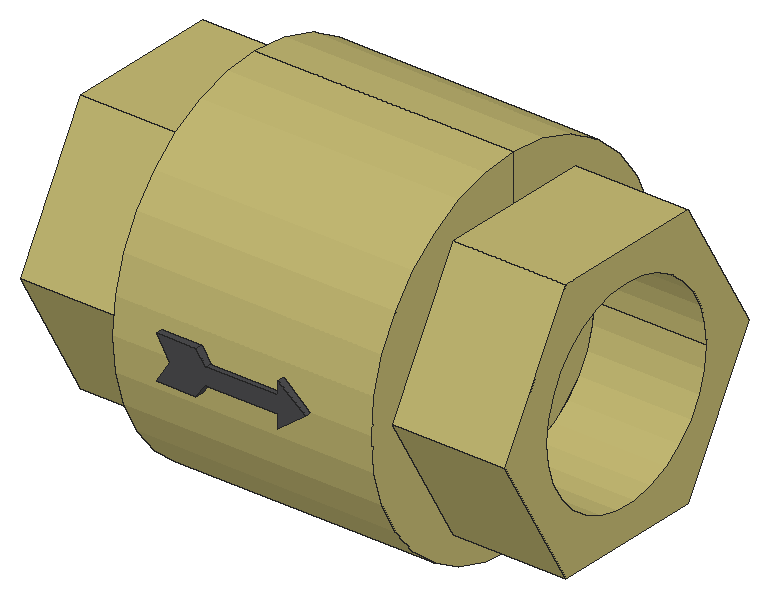
Revit family "РИДАН_NRV-R_Клапан обратный латунный пружинный муфтовый", category Арматура трубопроводов, Revit 2019
Family settings
  Размер круглого соединителя = Использовать диаметр
  Тип детали = Вставляется
  На основе рабочей плоскости = Нет
  Всегда вертикально = Да
  При загрузке вырезать с полостями = Нет
  Общий = Нет
Parameters (values of type "DN15")
  УГО_Длина = f  # 24 mm
  Контакты_Производитель = "info@ridan.ru"  # constant formula
  g = (c / 2) + 0.5 mm  # 17 mm
  f = a - (2 * b)  # 24 mm
  e = size_lookup(LT, "e", 23 mm, ADSK_Диаметр условный)  # 18.63 mm
  d = size_lookup(LT, "d", 23 mm, ADSK_Диаметр условный)  # 24.5 mm
  c = size_lookup(LT, "c", 23 mm, ADSK_Диаметр условный)  # 33 mm
  b = size_lookup(LT, "b", 23 mm, ADSK_Диаметр условный)  # 10.5 mm
  a = size_lookup(LT, "a", 23 mm, ADSK_Диаметр условный)  # 45 mm
  URL = "https://ridan.ru/"
  LT = "NRV-R"  # constant formula
  ADSK_Расход жидкости = 0.0000 m³/h
  ADSK_Пропускная способность = size_lookup(LT, "Kv", 0.0000 m³/h, ADSK_Диаметр условный)  # 4.0000 m³/h
  ADSK_Потеря давления жидкости = 100000.0 Pa * (ADSK_Расход жидкости / ADSK_Пропускная способность) ^ 2  # 0.0 Pa
  ADSK_Наименование = "Обратный клапан NRV-R пружинный с внутренней резьбой PN25, Tmax=110C, DN15"
  ADSK_Материал = Латунь корпус
  ADSK_Масса_Текст = ""
  ADSK_Масса = size_lookup(LT, "M", 0, ADSK_Диаметр условный)  # 0.133
  ADSK_Марка = size_lookup(LT, "Mark", "", ADSK_Диаметр условный)  # "NRV-R DN15"
  ADSK_Количество = 1  # constant formula
  ADSK_Код изделия = size_lookup(LT, "", "", ADSK_Диаметр условный)  # "065B8324R"
  ADSK_Завод-изготовитель = "ООО «Ридан-Трейд»"  # constant formula
  ADSK_Единица измерения = "шт."
  ADSK_Диаметр условный = 15 mm
  ADSK_Версия семейства = "1.2"  # constant formula
  ADSK_Версия Revit = "2019"  # constant formula
Types (7, lengths in mm): name | УГО_Длина | g | f | e | d | c | b | a | ADSK_Пропускная способность | ADSK_Наименование | ADSK_Масса | ADSK_Марка | ADSK_Код изделия | ADSK_Диаметр условный
  (no name) | 24 | 17 | 24 | 18.63 | 24.5 | 33 | 10.5 | 45 | 4.0000 m³/h | "Обратный клапан NRV-R пружинный с внутренней резьбой PN25, Tmax=110C, DN15" | 0.133 | "NRV-R DN15" | "065B8324R" | 15
  DN15 | 24 | 17 | 24 | 18.63 | 24.5 | 33 | 10.5 | 45 | 4.0000 m³/h | "Обратный клапан NRV-R пружинный с внутренней резьбой PN25, Tmax=110C, DN15" | 0.133 | "NRV-R DN15" | "065B8324R" | 15
  DN20 | 27.5 | 21.25 | 27.5 | 24.12 | 30 | 41.5 | 10.5 | 48.5 | 8.0000 m³/h | "Обратный клапан NRV-R пружинный с внутренней резьбой PN25, Tmax=110C, DN20" | 0.18 | "NRV-R DN20" | "065B8325R" | 20
  DN25 | 29 | 23.75 | 29 | 30.29 | 37 | 46.5 | 12 | 53 | 10.3000 m³/h | "Обратный клапан NRV-R пружинный с внутренней резьбой PN25, Tmax=110C, DN25" | 0.26 | "NRV-R DN25" | "065B8326R" | 25
  DN32 | 33 | 29 | 33 | 38.95 | 46 | 57 | 13.5 | 60 | 18.0000 m³/h | "Обратный клапан NRV-R пружинный с внутренней резьбой PN25, Tmax=110C, DN32" | 0.39 | "NRV-R DN32" | "065B8327R" | 32
  DN40 | 36 | 34.25 | 36 | 44.85 | 53 | 67.5 | 14.5 | 65 | 24.0000 m³/h | "Обратный клапан NRV-R пружинный с внутренней резьбой PN25, Tmax=110C, DN40" | 0.59 | "NRV-R DN40" | "065B8328R" | 40
  DN50 | 43 | 39.75 | 43 | 56.66 | 65 | 78.5 | 15 | 73 | 40.0000 m³/h | "Обратный клапан NRV-R пружинный с внутренней резьбой PN25, Tmax=110C, DN50" | 0.85 | "NRV-R DN50" | "065B8329R" | 50
Reference planes
  plane 1 "По центру (Вперед/Назад)": y = 0
  plane 2: z = -3.248
  plane 3 "По центру (Влево/Вправо)": x = 0
  plane 4: x = -12
  plane 5: x = 12
  plane 6: x = -22.5
  plane 7: x = 22.5
  plane 8: z = 13.252
  plane 9: z = -19.748
Forms (mm)
  Revolve 1, solid, material "Латунь корпус" <- "ADSK_Материал", detail levels fine
    sketch origin (0, 0, 0) x (1, 0, 0) y (0, 0, 1)
      loop
        line (-12, 13.252) -> (-12, -3.248) -> (12, -3.248) -> (12, 13.252) -> (-12, 13.252)
      axis (-12, -3.248) -> (12, -3.248)
    angle from 0 to 360
  Extrusion 2, solid, material "Латунь корпус" <- "ADSK_Материал", detail levels fine
    sketch origin (0, 0, 0) x (0, 1, 0) y (0, 0, 1)
      loop
        line (14.145, -3.248) -> (7.073, 9.002) -> (-7.073, 9.002) -> (-14.145, -3.248) -> (-7.073, -15.498) -> (7.073, -15.498) -> (14.145, -3.248)
    from -22.5 to 22.5
  Extrusion 3, void
    sketch origin (0, 0, 0) x (0, 1, 0) y (0, 0, 1)
      loop
        circle (0, -3.248) r 9.315
    from 12 to 22.5
  Extrusion 4, void
    sketch origin (0, 0, 0) x (0, 1, 0) y (0, 0, 1)
      loop
        circle (0, -3.248) r 9.315
    from -22.5 to -12
Cuts and joins
  Extrusion 3, Extrusion 4 cuts Revolve 1
  Extrusion 3, Extrusion 4 cuts Extrusion 2
Dimensions and locks
  "a": plane 6 to plane 7
  "b": plane 6 to plane 4
  "b": plane 5 to plane 7
  equal spacing: plane 4, plane 3 "По центру (Влево/Вправо)", plane 5
  equal spacing: plane 8, plane 2, plane 9
  "c": plane 8 to plane 9
  equal spacing: Extrusion 2 sketch curve, plane 2, Extrusion 2 sketch curve  (x3)
  "d": Extrusion 2 sketch curve to Extrusion 2 sketch curve  (x2)
  "e": diameter of Extrusion 3 sketch curve
  "e": diameter of Extrusion 4 sketch curve
  angle Extrusion 2 sketch curve to Extrusion 2 sketch curve = 120.00°  (x6)
  aligned and locked: plane 8 to Revolve 1 sketch curve
  aligned and locked: Revolve 1 sketch curve to plane 4
  aligned and locked: plane 2 to Revolve 1 sketch curve
  aligned and locked: plane 5 to Revolve 1 sketch curve
  aligned and locked: plane 6 to Extrusion 2
  aligned and locked: Extrusion 2 to plane 7
  aligned and locked: plane 5 to Extrusion 3
  aligned and locked: Extrusion 3 to plane 7
  aligned and locked: plane 6 to Extrusion 4
  aligned and locked: Extrusion 4 to plane 4
  aligned and locked: nested 1 to plane 5
Automatic sketch dimensions
  Revolve 1 sketch curve to plane 2 = 0 mm
  plane 6 to Revolve 1 sketch curve = 4.5 mm
  Revolve 1 sketch curve to plane 7 = 5.5 mm
  Extrusion 2 sketch curve to level = 0 mm
  Extrusion 3 sketch curve to level = 0 mm
  Extrusion 3 sketch curve to plane 1 "По центру (Вперед/Назад)" = 0 mm
  Extrusion 4 sketch curve to level = 0 mm
  Extrusion 4 sketch curve to plane 1 "По центру (Вперед/Назад)" = 0 mm
Nested families
  nested 1: "УГО_Обратный клапан" at (0, 0, -3.248), Длина_УГО <- "УГО_Длина", type "УГО_Обратный клапан", detail levels coarse+medium
    with Длина_УГО 24 mm, Высота_УГО 13.856 mm
  nested 2: "Направление" at (0, 0, -3.248), i <- "g", type "Направление", detail levels fine
    with i 17 mm
Connectors
  piping at (-12, 0, -3.248), diameter 15, driven by "ADSK_Диаметр условный", driven by "ADSK_Расход жидкости"
    settings: on plane 4, index 2, connector inside diameter 609.6 mm, connector length 0 mm, flow factor 0, pipe flow 0.0000 m³/h, pressure drop 0.0 Pa, fitting loss kfactor 0, connector angle 0.00°, fixture units 0, engagement length 0 mm, angle of deflection 0.00°, flow configuration 0, flow direction 1, fitting loss method 0, system type 29, joint type 0, gender type 0, connector reference index -1, connector utility 0, adjustable connector no, is connector primary yes, connector description ""
  piping at (12, 0, -3.248), diameter 15, driven by "ADSK_Диаметр условный", driven by "ADSK_Расход жидкости", driven by "ADSK_Потеря давления жидкости"
    settings: on plane 5, index 3, connector inside diameter 609.6 mm, connector length 0 mm, flow factor 0, pipe flow 0.0000 m³/h, pressure drop 0.0 Pa, fitting loss kfactor 0, connector angle 0.00°, fixture units 0, engagement length 0 mm, angle of deflection 0.00°, flow configuration 0, flow direction 2, fitting loss method 4, system type 29, joint type 0, gender type 0, connector reference index -1, connector utility 0, adjustable connector no, is connector primary no, connector description ""
Definition of nested family "УГО_Обратный клапан"
  Parameters (values of type "УГО_Обратный клапан")
    Длина_УГО [instance] = 100 mm
    Высота_УГО [instance] = (Длина_УГО / 2) / cos(30.00°)  # 57.735 mm
  Reference planes
    plane 1 "По центру (Вперед/Назад)": y = 0
    plane 2: z = 0
    plane 3 "По центру (Влево/Вправо)": x = 0
    plane 4: x = -50
    plane 5: x = 50
    plane 6: z = 28.868
    plane 7: z = -28.868
  Forms (mm)
    Extrusion 1, solid
      sketch origin (0, 0, 0) x (1, 0, 0) y (0, 0, 1)
        loop
          line (-50, 28.868) -> (-50, -28.868) -> (0, 0) -> (-50, 28.868)
      from -0.5 to 0.5
    Extrusion 2, solid
      sketch origin (0, 0, 0) x (1, 0, 0) y (0, 0, 1)
        loop
          line (50, 28.868) -> (0, 0) -> (50, -28.868) -> (50, 28.868)
      from -0.5 to 0.5
  Dimensions and locks
    equal spacing: plane 5, plane 3 "По центру (Влево/Вправо)", plane 4
    "Длина_УГО": plane 5 to plane 4
    equal spacing: plane 6, level, plane 7
    "Высота_УГО": plane 6 to plane 7
    aligned and locked: level to plane 2
    aligned and locked: Extrusion 1 sketch curve to plane 4
    aligned and locked: Extrusion 2 sketch curve to plane 5
    aligned and locked: plane 6 to Extrusion 1 sketch curve
    aligned and locked: plane 7 to Extrusion 1 sketch curve
    aligned and locked: plane 6 to Extrusion 2 sketch curve
    aligned and locked: plane 7 to Extrusion 2 sketch curve
  Automatic sketch dimensions
    Extrusion 1 sketch curve to level = 0 mm
    Extrusion 1 sketch curve to plane 3 "По центру (Влево/Вправо)" = 0 mm
    Extrusion 2 sketch curve to level = 0 mm
    Extrusion 2 sketch curve to plane 3 "По центру (Влево/Вправо)" = 0 mm
Definition of nested family "Направление"
  Parameters (values of type "Направление")
    i [instance] = 10 mm
    h = size_lookup(LT, "h", 23 mm, ADSK_Диаметр условный)  # 1.55 mm
    g = size_lookup(LT, "g", 23 mm, ADSK_Диаметр условный)  # 4 mm
    f = size_lookup(LT, "f", 23 mm, ADSK_Диаметр условный)  # 2.63 mm
    e = size_lookup(LT, "e", 23 mm, ADSK_Диаметр условный)  # 3.69 mm
    d = size_lookup(LT, "d", 23 mm, ADSK_Диаметр условный)  # 2.96 mm
    c = size_lookup(LT, "c", 23 mm, ADSK_Диаметр условный)  # 0.94 mm
    b = size_lookup(LT, "b", 23 mm, ADSK_Диаметр условный)  # 2.42 mm
    a = size_lookup(LT, "a", 23 mm, ADSK_Диаметр условный)  # 1.2 mm
    LT = "Arrow"  # constant formula
    ADSK_Диаметр условный = 15 mm
  Reference planes
    plane 1 "По центру (Вперед/Назад)": y = 0
    plane 2: z = 0
    plane 3 "По центру (Влево/Вправо)": x = 0
    plane 4: x = -7.52
    plane 5: x = -6.32
    plane 6: x = -3.9
    plane 7: x = -2.96
    plane 8: x = 3.69
    plane 9: x = 6.32
    plane 10: z = 2
    plane 11: z = -2
    plane 12: z = 0.775
    plane 13: z = -0.775
    plane 14: y = 10
    plane 15: y = -10
  Forms (mm)
    Extrusion 1, solid
      sketch origin (0, 0, 0) x (1, 0, 0) y (0, 0, 1)
        loop
          line (3.69, 0.775) -> (-2.968, 0.775) -> (-3.9, 2) -> (-7.52, 2) -> (-6.32, 0) -> (-7.52, -2) -> (-3.892, -2) -> (-2.96, -0.775) -> (3.69, -0.775) -> (3.69, -2) -> (6.32, 0) -> (3.69, 2) -> (3.69, 0.775)
      from -10 to 10
  Dimensions and locks
    "a": plane 4 to plane 5
    "b": plane 5 to plane 6
    "c": plane 6 to plane 7
    "d": plane 7 to plane 3 "По центру (Влево/Вправо)"
    "e": plane 8 to plane 3 "По центру (Влево/Вправо)"
    "f": plane 8 to plane 9
    equal spacing: plane 12, plane 2, plane 13
    equal spacing: plane 10, plane 2, plane 11
    "h": plane 12 to plane 13
    "g": plane 10 to plane 11
    "i": plane 1 "По центру (Вперед/Назад)" to plane 14
    "i": plane 15 to plane 1 "По центру (Вперед/Назад)"
    aligned and locked: level to plane 2
    aligned and locked: plane 10 to Extrusion 1 sketch curve
    aligned and locked: plane 12 to Extrusion 1 sketch curve
    aligned and locked: plane 13 to Extrusion 1 sketch curve
    aligned and locked: plane 11 to Extrusion 1 sketch curve
    aligned and locked: plane 14 to Extrusion 1
    aligned and locked: Extrusion 1 to plane 15
  Automatic sketch dimensions
    plane 4 to Extrusion 1 sketch curve = 0 mm  (x2)
    plane 5 to Extrusion 1 sketch curve = 0 mm
    Extrusion 1 sketch curve to level = 0 mm  (x2)
    plane 6 to Extrusion 1 sketch curve = 0 mm
    Extrusion 1 sketch curve to plane 12 = 0 mm
    plane 7 to Extrusion 1 sketch curve = 0 mm
    plane 8 to Extrusion 1 sketch curve = 0 mm  (x2)
    plane 9 to Extrusion 1 sketch curve = 0 mm
    Extrusion 1 sketch curve to plane 11 = 0 mm
    Extrusion 1 sketch curve to plane 10 = 0 mm
    Extrusion 1 sketch curve to plane 6 = 0.008 mm
    plane 7 to Extrusion 1 sketch curve = 0.008 mm
